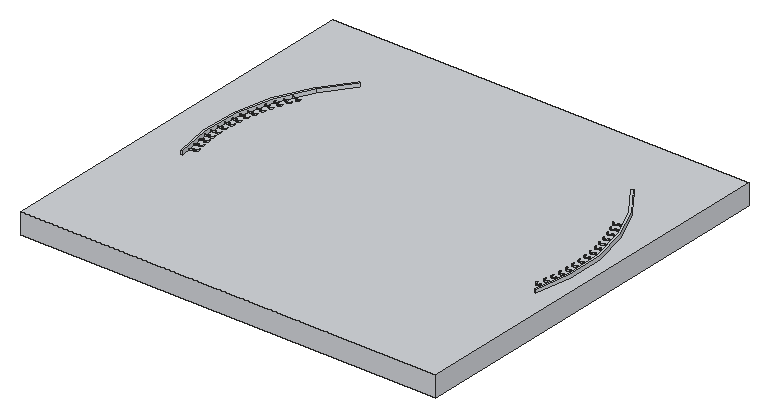
Revit family "CableCronstein", category Обобщенные модели, Revit 2021
Family settings
  Основа = Грань
  Может служить основой для арматурных стержней = Нет
  Размер круглого соединителя = Использовать диаметр
  Тип детали = Нормальный
  При загрузке вырезать с полостями = Нет
  Общий = Нет
  Точка принадлежности помещению = Нет
Parameters (values of type "CC1200")
  Default Elevation = 1219.2 mm
  TubingLength = 1200 mm
  MovingFromBase = (TubingLength / 2) - 24 mm  # 576 mm
Types (2, lengths in mm): name | TubingLength | MovingFromBase
  CC1400 | 1400 | 676
  CC1200 | 1200 | 576
Reference planes
  plane 1 "По центру (Вперед/Назад)": y = 0
  plane 2: z = 0
  plane 3 "По центру (Влево/Вправо)": x = 0
Forms (mm)
  Extrusion 1, solid
    sketch origin (0, 0, 0) x (1, 0, 0) y (0, 1, 0)
      loop
        line (-3200, 2800) -> (-3200, -2920.03) -> (2893.021, -2920.03) -> (2893.021, 2800) -> (-3200, 2800)
    from 0 to -304.8
  Extrusion 2, solid
    sketch origin (1.088, 1.088, 0) x (0, -1, 0) y (1, 0, 0)
      loop
        line (-1798.373, 2011.855) -> (-1779.737, 1990.888)
        arc (-1779.737, 1990.888) -> (-1575.193, 2154.167) -> (-1356.022, 2297.216) r 2743.889
        arc (-1356.022, 2297.216) -> (-344.664, 2644.965) -> (722.372, 2572.801) r 2700.199
        line (722.372, 2572.801) -> (729.482, 2598.805)
        arc (729.482, 2598.805) -> (-609.587, 2628.946) -> (-1798.373, 2011.855) r 2700
    from 0 to 48
  Extrusion 3, solid
    sketch origin (-14.855, -0.058, 0) x (0, -1, 0) y (1, 0, 0)
      loop
        arc (-1093.44, 2372.14) -> (-1080.814, 2417.77) -> (-1125.615, 2433.08) r 34.517
        line (-1125.615, 2433.08) -> (-1124.384, 2429.244)
        arc (-1124.384, 2429.244) -> (-1084.459, 2416.109) -> (-1095.513, 2375.559) r 30.519
        arc (-1095.513, 2375.559) -> (-1097.444, 2370.184) -> (-1092.017, 2368.405) r 3.983
        arc (-1092.017, 2368.405) -> (-1053.23, 2352.214) -> (-1067.395, 2312.642) r 30.519
        line (-1067.395, 2312.642) -> (-1083.998, 2305.046) -> (-1081.953, 2300.944) -> (-1065.594, 2309.073)
        arc (-1065.594, 2309.073) -> (-1049.573, 2353.828) -> (-1093.44, 2372.14) r 34.517
    from 22 to 26
  Extrusion 4, solid
    sketch origin (-14.855, -0.058, 0) x (0, -1, 0) y (1, 0, 0)
      loop
        arc (-981.883, 2420.918) -> (-967.16, 2465.915) -> (-1011.206, 2483.28) r 34.517
        line (-1011.206, 2483.28) -> (-1010.153, 2479.391)
        arc (-1010.153, 2479.391) -> (-970.878, 2464.425) -> (-983.795, 2424.428) r 30.519
        arc (-983.795, 2424.428) -> (-985.972, 2419.148) -> (-980.633, 2417.12) r 3.983
        arc (-980.633, 2417.12) -> (-942.636, 2399.153) -> (-958.616, 2360.279) r 30.519
        line (-958.616, 2360.279) -> (-975.552, 2353.458) -> (-973.698, 2349.267) -> (-956.981, 2356.631)
        arc (-956.981, 2356.631) -> (-938.908, 2400.597) -> (-981.883, 2420.918) r 34.517
    from 22 to 26
  Extrusion 5, solid
    sketch origin (-14.855, -0.058, 0) x (0, -1, 0) y (1, 0, 0)
      loop
        arc (-868.453, 2465.053) -> (-851.667, 2509.322) -> (-894.862, 2528.704) r 34.517
        line (-894.862, 2528.704) -> (-893.991, 2524.771)
        arc (-893.991, 2524.771) -> (-855.449, 2508.005) -> (-870.202, 2468.649) r 30.519
        arc (-870.202, 2468.649) -> (-872.62, 2463.475) -> (-867.381, 2461.202) r 3.983
        arc (-867.381, 2461.202) -> (-830.255, 2441.498) -> (-848.015, 2403.404) r 30.519
        line (-848.015, 2403.404) -> (-865.248, 2397.373) -> (-863.591, 2393.101) -> (-846.551, 2399.684)
        arc (-846.551, 2399.684) -> (-826.465, 2442.768) -> (-868.453, 2465.053) r 34.517
    from 22 to 26
  Extrusion 6, solid
    sketch origin (-14.855, -0.058, 0) x (0, -1, 0) y (1, 0, 0)
      loop
        arc (-752.45, 2502.832) -> (-733.634, 2546.278) -> (-775.888, 2567.636) r 34.517
        line (-775.888, 2567.636) -> (-775.199, 2563.667)
        arc (-775.199, 2563.667) -> (-737.474, 2545.137) -> (-754.03, 2506.504) r 30.519
        arc (-754.03, 2506.504) -> (-756.685, 2501.448) -> (-751.556, 2498.936) r 3.983
        arc (-751.556, 2498.936) -> (-715.382, 2477.536) -> (-734.883, 2440.304) r 30.519
        line (-734.883, 2440.304) -> (-752.377, 2435.076) -> (-750.919, 2430.732) -> (-733.593, 2436.52)
        arc (-733.593, 2436.52) -> (-711.536, 2478.63) -> (-752.45, 2502.832) r 34.517
    from 22 to 26
  Extrusion 7, solid
    sketch origin (-14.855, -0.058, 0) x (0, -1, 0) y (1, 0, 0)
      loop
        arc (-635.603, 2535.474) -> (-614.799, 2578.004) -> (-656.02, 2601.292) r 34.517
        line (-656.02, 2601.292) -> (-655.515, 2597.296)
        arc (-655.515, 2597.296) -> (-618.687, 2577.041) -> (-637.011, 2539.216) r 30.519
        arc (-637.011, 2539.216) -> (-639.897, 2534.288) -> (-634.89, 2531.541) r 3.983
        arc (-634.89, 2531.541) -> (-599.743, 2508.492) -> (-620.946, 2472.201) r 30.519
        line (-620.946, 2472.201) -> (-638.662, 2467.788) -> (-637.406, 2463.38) -> (-619.831, 2468.361)
        arc (-619.831, 2468.361) -> (-595.852, 2509.406) -> (-635.603, 2535.474) r 34.517
    from 22 to 26
  Extrusion 8, solid
    sketch origin (-14.855, -0.058, 0) x (0, -1, 0) y (1, 0, 0)
      loop
        arc (-517.307, 2562.683) -> (-494.559, 2604.204) -> (-534.659, 2629.374) r 34.517
        line (-534.659, 2629.374) -> (-534.34, 2625.358)
        arc (-534.34, 2625.358) -> (-498.487, 2603.423) -> (-518.541, 2566.485) r 30.519
        arc (-518.541, 2566.485) -> (-521.652, 2561.696) -> (-516.777, 2558.72) r 3.983
        arc (-516.777, 2558.72) -> (-482.733, 2534.071) -> (-505.591, 2498.799) r 30.519
        line (-505.591, 2498.799) -> (-523.492, 2495.21) -> (-522.441, 2490.749) -> (-504.655, 2494.912)
        arc (-504.655, 2494.912) -> (-478.803, 2534.804) -> (-517.307, 2562.683) r 34.517
    from 22 to 26
  Extrusion 9, solid
    sketch origin (-14.855, -0.058, 0) x (0, -1, 0) y (1, 0, 0)
      loop
        arc (-396.96, 2584.171) -> (-372.317, 2624.596) -> (-411.21, 2651.593) r 34.517
        line (-411.21, 2651.593) -> (-411.077, 2647.567)
        arc (-411.077, 2647.567) -> (-376.277, 2623.997) -> (-398.017, 2588.026) r 30.519
        arc (-398.017, 2588.026) -> (-401.346, 2583.386) -> (-396.614, 2580.188) r 3.983
        arc (-396.614, 2580.188) -> (-363.746, 2553.991) -> (-388.21, 2519.814) r 30.519
        line (-388.21, 2519.814) -> (-406.258, 2517.056) -> (-405.415, 2512.551) -> (-387.455, 2515.888)
        arc (-387.455, 2515.888) -> (-359.787, 2554.542) -> (-396.96, 2584.171) r 34.517
    from 22 to 26
  Extrusion 10, solid
    sketch origin (-14.855, -0.058, 0) x (0, -1, 0) y (1, 0, 0)
      loop
        arc (-276.212, 2599.799) -> (-249.727, 2639.042) -> (-287.331, 2667.808) r 34.517
        line (-287.331, 2667.808) -> (-287.384, 2663.78)
        arc (-287.384, 2663.78) -> (-253.711, 2638.627) -> (-277.09, 2603.699) r 30.519
        arc (-277.09, 2603.699) -> (-280.63, 2599.217) -> (-276.051, 2595.804) r 3.983
        arc (-276.051, 2595.804) -> (-244.429, 2568.116) -> (-270.447, 2535.106) r 30.519
        line (-270.447, 2535.106) -> (-288.604, 2533.186) -> (-287.969, 2528.647) -> (-269.874, 2531.15)
        arc (-269.874, 2531.15) -> (-240.449, 2568.484) -> (-276.212, 2599.799) r 34.517
    from 22 to 26
  Extrusion 11, solid
    sketch origin (-14.855, -0.058, 0) x (0, -1, 0) y (1, 0, 0)
      loop
        arc (-155.097, 2610.385) -> (-126.825, 2648.362) -> (-163.059, 2678.835) r 34.517
        line (-163.059, 2678.835) -> (-163.298, 2674.814)
        arc (-163.298, 2674.814) -> (-130.824, 2648.131) -> (-155.793, 2614.321) r 30.519
        arc (-155.793, 2614.321) -> (-159.536, 2610.008) -> (-155.12, 2606.387) r 3.983
        arc (-155.12, 2606.387) -> (-124.812, 2577.266) -> (-152.328, 2545.495) r 30.519
        line (-152.328, 2545.495) -> (-170.554, 2544.416) -> (-170.13, 2539.852) -> (-151.939, 2541.516)
        arc (-151.939, 2541.516) -> (-120.819, 2577.449) -> (-155.097, 2610.385) r 34.517
    from 22 to 26
  Extrusion 12, solid
    sketch origin (-14.855, -0.058, 0) x (0, -1, 0) y (1, 0, 0)
      loop
        arc (-33.108, 2615.328) -> (-3.111, 2651.957) -> (-37.898, 2684.073) r 34.517
        line (-37.898, 2684.073) -> (-38.323, 2680.068)
        arc (-38.323, 2680.068) -> (-7.117, 2651.912) -> (-33.622, 2619.293) r 30.519
        arc (-33.622, 2619.293) -> (-37.561, 2615.157) -> (-33.317, 2611.336) r 3.983
        arc (-33.317, 2611.336) -> (-4.388, 2580.845) -> (-33.343, 2550.379) r 30.519
        line (-33.343, 2550.379) -> (-51.599, 2550.144) -> (-51.387, 2545.566) -> (-33.138, 2546.387)
        arc (-33.138, 2546.387) -> (-0.39, 2580.843) -> (-33.108, 2615.328) r 34.517
    from 22 to 26
  Extrusion 13, solid
    sketch origin (-14.855, -0.058, 0) x (0, -1, 0) y (1, 0, 0)
      loop
        arc (88.66, 2614.426) -> (120.319, 2649.63) -> (87.054, 2683.32) r 34.517
        line (87.054, 2683.32) -> (86.445, 2679.338)
        arc (86.445, 2679.338) -> (116.316, 2649.769) -> (88.33, 2618.41) r 30.519
        arc (88.33, 2618.41) -> (84.205, 2614.461) -> (88.268, 2610.448) r 3.983
        arc (88.268, 2610.448) -> (115.756, 2578.653) -> (85.424, 2549.558) r 30.519
        line (85.424, 2549.558) -> (67.176, 2550.167) -> (67.176, 2545.584) -> (85.444, 2545.56)
        arc (85.444, 2545.56) -> (119.75, 2578.466) -> (88.66, 2614.426) r 34.517
    from 22 to 26
  Extrusion 14, solid
    sketch origin (-14.855, -0.058, 0) x (0, -1, 0) y (1, 0, 0)
      loop
        arc (210.547, 2607.96) -> (243.799, 2641.662) -> (212.128, 2676.853) r 34.517
        line (212.128, 2676.853) -> (211.335, 2672.904)
        arc (211.335, 2672.904) -> (239.807, 2641.986) -> (210.402, 2611.955) r 30.519
        arc (210.402, 2611.955) -> (206.098, 2608.201) -> (209.971, 2604.004) r 3.983
        arc (209.971, 2604.004) -> (235.96, 2570.971) -> (204.315, 2543.31) r 30.519
        line (204.315, 2543.31) -> (186.115, 2544.762) -> (185.904, 2540.184) -> (204.15, 2539.316)
        arc (204.15, 2539.316) -> (239.941, 2570.6) -> (210.547, 2607.96) r 34.517
    from 22 to 26
  Extrusion 15, solid
    sketch origin (-14.855, -0.058, 0) x (0, -1, 0) y (1, 0, 0)
      loop
        arc (331.521, 2595.852) -> (366.295, 2627.981) -> (336.285, 2664.599) r 34.517
        line (336.285, 2664.599) -> (335.31, 2660.691)
        arc (335.31, 2660.691) -> (362.322, 2628.49) -> (331.56, 2599.85) r 30.519
        arc (331.56, 2599.85) -> (327.087, 2596.299) -> (330.762, 2591.927) r 3.983
        arc (330.762, 2591.927) -> (355.196, 2557.729) -> (322.306, 2531.56) r 30.519
        line (322.306, 2531.56) -> (304.193, 2533.852) -> (303.77, 2529.288) -> (321.957, 2527.578)
        arc (321.957, 2527.578) -> (359.155, 2557.174) -> (331.521, 2595.852) r 34.517
    from 22 to 26
  Extrusion 16, solid
    sketch origin (-14.855, -0.058, 0) x (0, -1, 0) y (1, 0, 0)
      loop
        arc (452.149, 2578.121) -> (488.371, 2608.608) -> (460.086, 2646.575) r 34.517
        line (460.086, 2646.575) -> (458.931, 2642.715)
        arc (458.931, 2642.715) -> (484.426, 2609.3) -> (452.373, 2582.113) r 30.519
        arc (452.373, 2582.113) -> (447.741, 2578.772) -> (451.21, 2574.236) r 3.983
        arc (451.21, 2574.236) -> (474.037, 2538.944) -> (439.972, 2514.324) r 30.519
        line (439.972, 2514.324) -> (421.984, 2517.451) -> (421.351, 2512.912) -> (439.439, 2510.362)
        arc (439.439, 2510.362) -> (477.966, 2538.207) -> (452.149, 2578.121) r 34.517
    from 22 to 26
  Extrusion 17, solid
    sketch origin (-14.855, -0.058, 0) x (0, -1, 0) y (1, 0, 0)
      loop
        arc (571.851, 2554.817) -> (609.444, 2583.597) -> (582.944, 2622.83) r 34.517
        line (582.944, 2622.83) -> (581.613, 2619.029)
        arc (581.613, 2619.029) -> (605.535, 2584.47) -> (572.259, 2558.794) r 30.519
        arc (572.259, 2558.794) -> (567.478, 2555.671) -> (570.733, 2550.979) r 3.983
        arc (570.733, 2550.979) -> (591.904, 2514.67) -> (556.738, 2491.651) r 30.519
        line (556.738, 2491.651) -> (538.913, 2495.606) -> (538.071, 2491.101) -> (556.022, 2487.718)
        arc (556.022, 2487.718) -> (595.795, 2513.752) -> (571.851, 2554.817) r 34.517
    from 22 to 26
  Extrusion 18, solid
    sketch origin (1.088, 1.088, 0) x (0, -1, 0) y (1, 0, 0)
      loop
        arc (-1798.373, -2014.031) -> (-609.587, -2631.121) -> (729.482, -2600.981) r 2700
        line (729.482, -2600.981) -> (722.372, -2574.977)
        arc (722.372, -2574.977) -> (-344.664, -2647.141) -> (-1356.022, -2299.392) r 2700.199
        arc (-1356.022, -2299.392) -> (-1575.193, -2156.343) -> (-1779.737, -1993.063) r 2743.889
        line (-1779.737, -1993.063) -> (-1798.373, -2014.031)
    from 0 to 48
  Extrusion 19, solid
    sketch origin (14.922, -0.507, 0) x (0, -1, 0) y (1, 0, 0)
      loop
        arc (-1093.44, -2372.14) -> (-1049.573, -2353.828) -> (-1065.594, -2309.073) r 34.517
        line (-1065.594, -2309.073) -> (-1081.953, -2300.944) -> (-1083.998, -2305.046) -> (-1067.395, -2312.642)
        arc (-1067.395, -2312.642) -> (-1053.23, -2352.214) -> (-1092.017, -2368.405) r 30.519
        arc (-1092.017, -2368.405) -> (-1097.444, -2370.184) -> (-1095.513, -2375.559) r 3.983
        arc (-1095.513, -2375.559) -> (-1084.459, -2416.109) -> (-1124.384, -2429.244) r 30.519
        line (-1124.384, -2429.244) -> (-1125.615, -2433.08)
        arc (-1125.615, -2433.08) -> (-1080.814, -2417.77) -> (-1093.44, -2372.14) r 34.517
    from 22 to 26
  Extrusion 20, solid
    sketch origin (14.922, -0.507, 0) x (0, -1, 0) y (1, 0, 0)
      loop
        arc (-981.883, -2420.918) -> (-938.908, -2400.597) -> (-956.981, -2356.631) r 34.517
        line (-956.981, -2356.631) -> (-973.698, -2349.267) -> (-975.552, -2353.458) -> (-958.616, -2360.279)
        arc (-958.616, -2360.279) -> (-942.636, -2399.153) -> (-980.633, -2417.12) r 30.519
        arc (-980.633, -2417.12) -> (-985.972, -2419.148) -> (-983.795, -2424.428) r 3.983
        arc (-983.795, -2424.428) -> (-970.878, -2464.425) -> (-1010.153, -2479.391) r 30.519
        line (-1010.153, -2479.391) -> (-1011.206, -2483.28)
        arc (-1011.206, -2483.28) -> (-967.16, -2465.915) -> (-981.883, -2420.918) r 34.517
    from 22 to 26
  Extrusion 21, solid
    sketch origin (14.922, -0.507, 0) x (0, -1, 0) y (1, 0, 0)
      loop
        arc (-868.453, -2465.053) -> (-826.465, -2442.768) -> (-846.551, -2399.684) r 34.517
        line (-846.551, -2399.684) -> (-863.591, -2393.101) -> (-865.248, -2397.373) -> (-848.015, -2403.404)
        arc (-848.015, -2403.404) -> (-830.255, -2441.498) -> (-867.381, -2461.202) r 30.519
        arc (-867.381, -2461.202) -> (-872.62, -2463.475) -> (-870.202, -2468.649) r 3.983
        arc (-870.202, -2468.649) -> (-855.449, -2508.005) -> (-893.991, -2524.771) r 30.519
        line (-893.991, -2524.771) -> (-894.862, -2528.704)
        arc (-894.862, -2528.704) -> (-851.667, -2509.322) -> (-868.453, -2465.053) r 34.517
    from 22 to 26
  Extrusion 22, solid
    sketch origin (14.922, -0.507, 0) x (0, -1, 0) y (1, 0, 0)
      loop
        arc (-752.45, -2502.832) -> (-711.536, -2478.63) -> (-733.593, -2436.52) r 34.517
        line (-733.593, -2436.52) -> (-750.919, -2430.732) -> (-752.377, -2435.076) -> (-734.883, -2440.304)
        arc (-734.883, -2440.304) -> (-715.382, -2477.536) -> (-751.556, -2498.936) r 30.519
        arc (-751.556, -2498.936) -> (-756.685, -2501.448) -> (-754.03, -2506.504) r 3.983
        arc (-754.03, -2506.504) -> (-737.474, -2545.137) -> (-775.199, -2563.667) r 30.519
        line (-775.199, -2563.667) -> (-775.888, -2567.636)
        arc (-775.888, -2567.636) -> (-733.634, -2546.278) -> (-752.45, -2502.832) r 34.517
    from 22 to 26
  Extrusion 23, solid
    sketch origin (14.922, -0.507, 0) x (0, -1, 0) y (1, 0, 0)
      loop
        arc (-635.603, -2535.474) -> (-595.852, -2509.406) -> (-619.831, -2468.361) r 34.517
        line (-619.831, -2468.361) -> (-637.406, -2463.38) -> (-638.662, -2467.788) -> (-620.946, -2472.201)
        arc (-620.946, -2472.201) -> (-599.743, -2508.492) -> (-634.89, -2531.541) r 30.519
        arc (-634.89, -2531.541) -> (-639.897, -2534.288) -> (-637.011, -2539.216) r 3.983
        arc (-637.011, -2539.216) -> (-618.687, -2577.041) -> (-655.515, -2597.296) r 30.519
        line (-655.515, -2597.296) -> (-656.02, -2601.292)
        arc (-656.02, -2601.292) -> (-614.799, -2578.004) -> (-635.603, -2535.474) r 34.517
    from 22 to 26
  Extrusion 24, solid
    sketch origin (14.922, -0.507, 0) x (0, -1, 0) y (1, 0, 0)
      loop
        arc (-517.307, -2562.683) -> (-478.803, -2534.804) -> (-504.655, -2494.912) r 34.517
        line (-504.655, -2494.912) -> (-522.441, -2490.749) -> (-523.492, -2495.21) -> (-505.591, -2498.799)
        arc (-505.591, -2498.799) -> (-482.733, -2534.071) -> (-516.777, -2558.72) r 30.519
        arc (-516.777, -2558.72) -> (-521.652, -2561.696) -> (-518.541, -2566.485) r 3.983
        arc (-518.541, -2566.485) -> (-498.487, -2603.423) -> (-534.34, -2625.358) r 30.519
        line (-534.34, -2625.358) -> (-534.659, -2629.374)
        arc (-534.659, -2629.374) -> (-494.559, -2604.204) -> (-517.307, -2562.683) r 34.517
    from 22 to 26
  Extrusion 25, solid
    sketch origin (14.922, -0.507, 0) x (0, -1, 0) y (1, 0, 0)
      loop
        arc (-396.96, -2584.171) -> (-359.787, -2554.542) -> (-387.455, -2515.888) r 34.517
        line (-387.455, -2515.888) -> (-405.415, -2512.551) -> (-406.258, -2517.056) -> (-388.21, -2519.814)
        arc (-388.21, -2519.814) -> (-363.746, -2553.991) -> (-396.614, -2580.188) r 30.519
        arc (-396.614, -2580.188) -> (-401.346, -2583.386) -> (-398.017, -2588.026) r 3.983
        arc (-398.017, -2588.026) -> (-376.277, -2623.997) -> (-411.077, -2647.567) r 30.519
        line (-411.077, -2647.567) -> (-411.21, -2651.593)
        arc (-411.21, -2651.593) -> (-372.317, -2624.596) -> (-396.96, -2584.171) r 34.517
    from 22 to 26
  Extrusion 26, solid
    sketch origin (14.922, -0.507, 0) x (0, -1, 0) y (1, 0, 0)
      loop
        arc (-276.212, -2599.799) -> (-240.449, -2568.484) -> (-269.874, -2531.15) r 34.517
        line (-269.874, -2531.15) -> (-287.969, -2528.647) -> (-288.604, -2533.186) -> (-270.447, -2535.106)
        arc (-270.447, -2535.106) -> (-244.429, -2568.116) -> (-276.051, -2595.804) r 30.519
        arc (-276.051, -2595.804) -> (-280.63, -2599.217) -> (-277.09, -2603.699) r 3.983
        arc (-277.09, -2603.699) -> (-253.711, -2638.627) -> (-287.384, -2663.78) r 30.519
        line (-287.384, -2663.78) -> (-287.331, -2667.808)
        arc (-287.331, -2667.808) -> (-249.727, -2639.042) -> (-276.212, -2599.799) r 34.517
    from 22 to 26
  Extrusion 27, solid
    sketch origin (14.922, -0.507, 0) x (0, -1, 0) y (1, 0, 0)
      loop
        arc (-155.097, -2610.385) -> (-120.819, -2577.449) -> (-151.939, -2541.516) r 34.517
        line (-151.939, -2541.516) -> (-170.13, -2539.852) -> (-170.554, -2544.416) -> (-152.328, -2545.495)
        arc (-152.328, -2545.495) -> (-124.812, -2577.266) -> (-155.12, -2606.387) r 30.519
        arc (-155.12, -2606.387) -> (-159.536, -2610.008) -> (-155.793, -2614.321) r 3.983
        arc (-155.793, -2614.321) -> (-130.824, -2648.131) -> (-163.298, -2674.814) r 30.519
        line (-163.298, -2674.814) -> (-163.059, -2678.835)
        arc (-163.059, -2678.835) -> (-126.825, -2648.362) -> (-155.097, -2610.385) r 34.517
    from 22 to 26
  Extrusion 28, solid
    sketch origin (14.922, -0.507, 0) x (0, -1, 0) y (1, 0, 0)
      loop
        arc (-33.108, -2615.328) -> (-0.39, -2580.843) -> (-33.138, -2546.387) r 34.517
        line (-33.138, -2546.387) -> (-51.387, -2545.566) -> (-51.599, -2550.144) -> (-33.343, -2550.379)
        arc (-33.343, -2550.379) -> (-4.388, -2580.845) -> (-33.317, -2611.336) r 30.519
        arc (-33.317, -2611.336) -> (-37.561, -2615.157) -> (-33.622, -2619.293) r 3.983
        arc (-33.622, -2619.293) -> (-7.117, -2651.912) -> (-38.323, -2680.068) r 30.519
        line (-38.323, -2680.068) -> (-37.898, -2684.073)
        arc (-37.898, -2684.073) -> (-3.111, -2651.957) -> (-33.108, -2615.328) r 34.517
    from 22 to 26
  Extrusion 29, solid
    sketch origin (14.922, -0.507, 0) x (0, -1, 0) y (1, 0, 0)
      loop
        arc (88.66, -2614.426) -> (119.75, -2578.466) -> (85.444, -2545.56) r 34.517
        line (85.444, -2545.56) -> (67.176, -2545.584) -> (67.176, -2550.167) -> (85.424, -2549.558)
        arc (85.424, -2549.558) -> (115.756, -2578.653) -> (88.268, -2610.448) r 30.519
        arc (88.268, -2610.448) -> (84.205, -2614.461) -> (88.33, -2618.41) r 3.983
        arc (88.33, -2618.41) -> (116.316, -2649.769) -> (86.445, -2679.338) r 30.519
        line (86.445, -2679.338) -> (87.054, -2683.32)
        arc (87.054, -2683.32) -> (120.319, -2649.63) -> (88.66, -2614.426) r 34.517
    from 22 to 26
  Extrusion 30, solid
    sketch origin (14.922, -0.507, 0) x (0, -1, 0) y (1, 0, 0)
      loop
        arc (210.547, -2607.96) -> (239.941, -2570.6) -> (204.15, -2539.316) r 34.517
        line (204.15, -2539.316) -> (185.904, -2540.184) -> (186.115, -2544.762) -> (204.315, -2543.31)
        arc (204.315, -2543.31) -> (235.96, -2570.971) -> (209.971, -2604.004) r 30.519
        arc (209.971, -2604.004) -> (206.098, -2608.201) -> (210.402, -2611.955) r 3.983
        arc (210.402, -2611.955) -> (239.807, -2641.986) -> (211.335, -2672.904) r 30.519
        line (211.335, -2672.904) -> (212.128, -2676.853)
        arc (212.128, -2676.853) -> (243.799, -2641.662) -> (210.547, -2607.96) r 34.517
    from 22 to 26
  Extrusion 31, solid
    sketch origin (14.922, -0.507, 0) x (0, -1, 0) y (1, 0, 0)
      loop
        arc (331.521, -2595.852) -> (359.155, -2557.174) -> (321.957, -2527.578) r 34.517
        line (321.957, -2527.578) -> (303.77, -2529.288) -> (304.193, -2533.852) -> (322.306, -2531.56)
        arc (322.306, -2531.56) -> (355.196, -2557.729) -> (330.762, -2591.927) r 30.519
        arc (330.762, -2591.927) -> (327.087, -2596.299) -> (331.56, -2599.85) r 3.983
        arc (331.56, -2599.85) -> (362.322, -2628.49) -> (335.31, -2660.691) r 30.519
        line (335.31, -2660.691) -> (336.285, -2664.599)
        arc (336.285, -2664.599) -> (366.295, -2627.981) -> (331.521, -2595.852) r 34.517
    from 22 to 26
  Extrusion 32, solid
    sketch origin (14.922, -0.507, 0) x (0, -1, 0) y (1, 0, 0)
      loop
        arc (452.149, -2578.121) -> (477.966, -2538.207) -> (439.439, -2510.362) r 34.517
        line (439.439, -2510.362) -> (421.351, -2512.912) -> (421.984, -2517.451) -> (439.972, -2514.324)
        arc (439.972, -2514.324) -> (474.037, -2538.944) -> (451.21, -2574.236) r 30.519
        arc (451.21, -2574.236) -> (447.741, -2578.772) -> (452.373, -2582.113) r 3.983
        arc (452.373, -2582.113) -> (484.426, -2609.3) -> (458.931, -2642.715) r 30.519
        line (458.931, -2642.715) -> (460.086, -2646.575)
        arc (460.086, -2646.575) -> (488.371, -2608.608) -> (452.149, -2578.121) r 34.517
    from 22 to 26
  Extrusion 33, solid
    sketch origin (14.922, -0.507, 0) x (0, -1, 0) y (1, 0, 0)
      loop
        arc (571.851, -2554.817) -> (595.795, -2513.752) -> (556.022, -2487.718) r 34.517
        line (556.022, -2487.718) -> (538.071, -2491.101) -> (538.913, -2495.606) -> (556.738, -2491.651)
        arc (556.738, -2491.651) -> (591.904, -2514.67) -> (570.733, -2550.979) r 30.519
        arc (570.733, -2550.979) -> (567.478, -2555.671) -> (572.259, -2558.794) r 3.983
        arc (572.259, -2558.794) -> (605.535, -2584.47) -> (581.613, -2619.029) r 30.519
        line (581.613, -2619.029) -> (582.944, -2622.83)
        arc (582.944, -2622.83) -> (609.444, -2583.597) -> (571.851, -2554.817) r 34.517
    from 22 to 26
Dimensions and locks
  aligned and locked: Extrusion 1 to plane 2
  aligned and locked: Extrusion 1 to level
